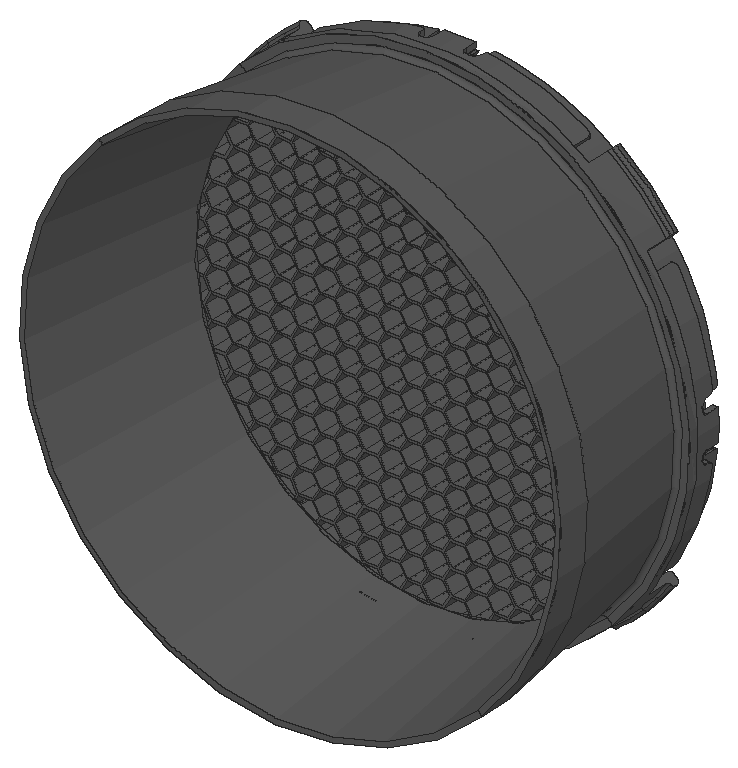
Revit family "SD1906", category Luminárias, Revit 2023
Family settings
  Cota do conector redondo = Utilizar diâmetro
  Tipo de parte = Normal
  Corte com vazios quando carregada = Não
  Fonte luminosa = Não
  Manter orientação da anotação = Não
  Compartilhado = Sim
  Ponto de cálculo do ambiente = Não
Parameters (values of type "SD1906")
  URL = "https://stella.com.br/"
  Referência = "SD1906"
  Modelo = "Kit Grade - Para Spot Flow PAR30"
  Fabricante = "Stella"
  Estrutura = Al - Preto
  Default Elevation = 0 m
  Diâmetro [instance] = 0.0985 m
  system length 1 [instance] = 0.0985 m
  Altura = 0.041 m
Reference planes (m)
  plane 1 "Centro (Frente/Trás)": y = 0
  plane 2: z = 0
  plane 3 "Esquerda": x = 0
  plane 4 "Direita": x = 0.0985
  plane 5: y = 0.0205
  plane 6: y = -0.0205
  plane 7: z = 0.04925
  plane 8: z = -0.04925
  plane 9: x = 0.04925
Forms (m)
  Revolve 1, solid, material "Al - Preto" <- "Estrutura"
    sketch origin (0.014425, 0, 0.034825) x (0.707107, 0, -0.707107) y (0, 1, 0)
      loop
        line (-0.000337, -0.014048) -> (-0.00045, -0.0205) -> (0.00055, -0.0205) -> (0.005313, 0.0125) -> (0.002432, 0.0125) -> (0.002326, 0.018596)
        arc (0.002326, 0.018596) -> (0.002159, 0.019042) -> (0.001748, 0.019284) r 0.000714
        arc (0.001748, 0.019284) -> (0.001189, 0.019323) -> (0.000641, 0.019206) r 0.002021
        arc (0.000641, 0.019206) -> (0.000181, 0.018786) -> (0.000055, 0.018175) r 0.001009
        arc (0.000055, 0.018175) -> (0.000204, 0.017792) -> (0.000523, 0.017532) r 0.000805
        arc (0.000523, 0.017532) -> (0.000868, 0.017333) -> (0.001004, 0.016958) r 0.000583
        line (0.001004, 0.016958) -> (0.000895, 0.0107) -> (0.002311, 0.0107)
        arc (0.002311, 0.0107) -> (0.002916, 0.010424) -> (0.003103, 0.009786) r 0.0008
        line (0.003103, 0.009786) -> (-0.000337, -0.014048)
      axis (0.04925, -0.0205) -> (0.04925, 0.019284)
    angle from 0 to 360
  Extrusion 2, void
    sketch origin (0.014425, 0, 0.034825) x (0.707107, 0, -0.707107) y (0.707107, 0, 0.707107)
      loop
        arc (0.041728, 0.049528) -> (0.013827, 0.035423) -> (-0.000278, 0.007522) r 0.050096
        line (-0.000278, 0.007522) -> (0.015642, 0.007522) -> (0.015642, -0.007522) -> (-0.000278, -0.007522)
        arc (-0.000278, -0.007522) -> (0.013827, -0.035423) -> (0.041728, -0.049528) r 0.050096
        line (0.041728, -0.049528) -> (0.041728, -0.033608) -> (0.056772, -0.033608) -> (0.056772, -0.049528)
        arc (0.056772, -0.049528) -> (0.084673, -0.035423) -> (0.098778, -0.007522) r 0.050096
        line (0.098778, -0.007522) -> (0.082858, -0.007522) -> (0.082858, 0.007522) -> (0.098778, 0.007522)
        arc (0.098778, 0.007522) -> (0.084673, 0.035423) -> (0.056772, 0.049528) r 0.050096
        line (0.056772, 0.049528) -> (0.056772, 0.033608) -> (0.041728, 0.033608) -> (0.041728, 0.049528)
    from -0.0205 to -0.0125
  Revolve 3, solid, material "Al - Preto" <- "Estrutura"
    sketch origin (0.014425, 0, 0.034825) x (0.707107, 0, -0.707107) y (0, 1, 0)
      loop
        line (0.002811, 0.0125) -> (0.002811, 0.0185) -> (0.001813, 0.0185) -> (0.001813, 0.0125) -> (0.002811, 0.0125)
      axis (0.04925, 0.0125) -> (0.04925, 0.0185)
    angle from 0 to 360
  Extrusion 4, void
    sketch origin (0.014425, 0, 0.034825) x (0.707107, 0, -0.707107) y (0.707107, 0, 0.707107)
      loop
        line (0.03788, 0.04869) -> (0.040737, 0.036456) -> (0.012794, 0.008513) -> (0.00056, 0.01137)
        arc (0.00056, 0.01137) -> (-0.00075, 0) -> (0.00056, -0.01137) r 0.05
        line (0.00056, -0.01137) -> (0.012794, -0.008513) -> (0.040737, -0.036456) -> (0.03788, -0.04869)
        arc (0.03788, -0.04869) -> (0.04925, -0.05) -> (0.06062, -0.04869) r 0.05
        line (0.06062, -0.04869) -> (0.057763, -0.036456) -> (0.085706, -0.008513) -> (0.09794, -0.01137)
        arc (0.09794, -0.01137) -> (0.09925, 0) -> (0.09794, 0.01137) r 0.05
        line (0.09794, 0.01137) -> (0.085706, 0.008513) -> (0.057763, 0.036456) -> (0.06062, 0.04869)
        arc (0.06062, 0.04869) -> (0.04925, 0.05) -> (0.03788, 0.04869) r 0.05
    from -0.0205 to -0.0125
  Extrusion 5, void
    sketch origin (0, 0, 0) x (1, 0, 0) y (0, 1, 0)
      loop
        arc (0.043731, 0.016914) -> (0.0438, 0.016459) -> (0.043821, 0.016) r 0.004409
        spline (0.043821, 0.016) -> (0.043863, 0.01573) -> (0.043988, 0.015478) -> (0.044187, 0.015262) -> (0.044446, 0.015096) -> (0.044747, 0.014992) -> (0.04507, 0.014957) -> (0.045394, 0.014992) -> (0.045695, 0.015096) -> (0.045954, 0.015262) -> (0.046152, 0.015478) -> (0.046277, 0.01573) -> (0.04632, 0.016)
        line (0.04632, 0.016) -> (0.04632, 0.018881) -> (0.024214, 0.018881) -> (0.024214, 0.0165)
        arc (0.024214, 0.0165) -> (0.024506, 0.017207) -> (0.025214, 0.0175) r 0.001
        line (0.025214, 0.0175) -> (0.042821, 0.0175)
        arc (0.042821, 0.0175) -> (0.043362, 0.017341) -> (0.043731, 0.016914) r 0.001
      loop
        arc (0.054769, 0.016914) -> (0.055138, 0.017341) -> (0.055679, 0.0175) r 0.001
        line (0.055679, 0.0175) -> (0.073286, 0.0175)
        arc (0.073286, 0.0175) -> (0.073994, 0.017207) -> (0.074286, 0.0165) r 0.001
        line (0.074286, 0.0165) -> (0.074286, 0.018881) -> (0.05218, 0.018881) -> (0.05218, 0.016)
        spline (0.05218, 0.016) -> (0.052223, 0.01573) -> (0.052348, 0.015478) -> (0.052546, 0.015262) -> (0.052805, 0.015096) -> (0.053106, 0.014992) -> (0.05343, 0.014957) -> (0.053753, 0.014992) -> (0.054054, 0.015096) -> (0.054313, 0.015262) -> (0.054512, 0.015478) -> (0.054637, 0.01573) -> (0.054679, 0.016)
        arc (0.054679, 0.016) -> (0.0547, 0.016459) -> (0.054769, 0.016914) r 0.004409
    from -0.04925 to 0.04925
  Extrusion 6, void
    sketch origin (0.04925, 0, -0.04925) x (0, 0, 1) y (0, 1, 0)
      loop
        arc (0.043731, 0.016914) -> (0.0438, 0.016459) -> (0.043821, 0.016) r 0.004409
        spline (0.043821, 0.016) -> (0.043863, 0.01573) -> (0.043988, 0.015478) -> (0.044187, 0.015262) -> (0.044446, 0.015096) -> (0.044747, 0.014992) -> (0.04507, 0.014957) -> (0.045394, 0.014992) -> (0.045695, 0.015096) -> (0.045954, 0.015262) -> (0.046152, 0.015478) -> (0.046277, 0.01573) -> (0.04632, 0.016)
        line (0.04632, 0.016) -> (0.04632, 0.018881) -> (0.024214, 0.018881) -> (0.024214, 0.0165)
        arc (0.024214, 0.0165) -> (0.024506, 0.017207) -> (0.025214, 0.0175) r 0.001
        line (0.025214, 0.0175) -> (0.042821, 0.0175)
        arc (0.042821, 0.0175) -> (0.043362, 0.017341) -> (0.043731, 0.016914) r 0.001
      loop
        arc (0.054769, 0.016914) -> (0.055138, 0.017341) -> (0.055679, 0.0175) r 0.001
        line (0.055679, 0.0175) -> (0.073286, 0.0175)
        arc (0.073286, 0.0175) -> (0.073994, 0.017207) -> (0.074286, 0.0165) r 0.001
        line (0.074286, 0.0165) -> (0.074286, 0.018881) -> (0.05218, 0.018881) -> (0.05218, 0.016)
        spline (0.05218, 0.016) -> (0.052223, 0.015729) -> (0.052349, 0.015477) -> (0.052548, 0.01526) -> (0.052808, 0.015095) -> (0.053111, 0.014991) -> (0.053435, 0.014957) -> (0.053759, 0.014993) -> (0.054061, 0.015099) -> (0.054319, 0.015267) -> (0.054516, 0.015485) -> (0.054639, 0.015738) -> (0.054679, 0.016009)
        arc (0.054679, 0.016009) -> (0.054701, 0.016464) -> (0.054769, 0.016914) r 0.004409
    from -0.04925 to 0.04925
  Revolve 7, solid, material "Al - Preto" <- "Estrutura"
    sketch origin (-0.089042, 0.072814, -0.138292) x (0.707107, 0, 0.707107) y (0, 1, 0)
      loop
        line (0.150025, -0.060314) -> (0.151525, -0.060314) -> (0.151525, -0.052764) -> (0.149325, -0.052764) -> (0.149325, -0.059614)
        arc (0.149325, -0.059614) -> (0.14953, -0.060109) -> (0.150025, -0.060314) r 0.0007
      axis (0.195575, -0.060314) -> (0.195575, -0.052764)
    angle from 0 to 360
  Revolve 8, void
    sketch origin (0.04925, 0.072814, -0.095575) x (0, 0, 1) y (0, 1, 0)
      loop
        line (0.051525, -0.052764) -> (0.049825, -0.052764) -> (0.049825, -0.059814) -> (0.051525, -0.059814) -> (0.051525, -0.052764)
      axis (0.095575, -0.059814) -> (0.095575, -0.052764)
    angle from 0 to 360
  Extrusion 9, void
    sketch origin (0.04925, 0.072814, -0.195575) x (0, 0, 1) y (0, 1, 0)
      loop
        arc (0.190075, -0.052764) -> (0.190477, -0.052931) -> (0.190644, -0.053334) r 0.00057
        line (0.190644, -0.053334) -> (0.190644, -0.055814) -> (0.200643, -0.055814) -> (0.200643, -0.053334)
        arc (0.200643, -0.053334) -> (0.20081, -0.052931) -> (0.201213, -0.052764) r 0.00057
        line (0.201213, -0.052764) -> (0.190075, -0.052764)
    from -0.046869 to 0.0469
  Extrusion 10, void
    sketch origin (-0.146325, 0.072814, 0) x (1, 0, 0) y (0, 1, 0)
      loop
        arc (0.190075, -0.052764) -> (0.190477, -0.052931) -> (0.190644, -0.053334) r 0.00057
        line (0.190644, -0.053334) -> (0.190644, -0.055814) -> (0.200643, -0.055814) -> (0.200643, -0.053334)
        arc (0.200643, -0.053334) -> (0.20081, -0.052931) -> (0.201213, -0.052764) r 0.00057
        line (0.201213, -0.052764) -> (0.190075, -0.052764)
    from -0.046869 to 0.0469
  Extrusion 11, void
    sketch origin (-0.088173, 0.072814, 0.139162) x (0.707107, 0, -0.707107) y (0, 1, 0)
      loop
        line (0.198575, -0.054364) -> (0.199575, -0.054364) -> (0.199575, -0.052662) -> (0.191575, -0.052662) -> (0.191575, -0.054364) -> (0.192575, -0.054364)
        arc (0.192575, -0.054364) -> (0.192839, -0.053728) -> (0.193475, -0.053464) r 0.0009
        line (0.193475, -0.053464) -> (0.197675, -0.053464)
        arc (0.197675, -0.053464) -> (0.198311, -0.053728) -> (0.198575, -0.054364) r 0.0009
    from -0.049018 to 0.047
  Extrusion 12, void
    sketch origin (0.186673, 0.072814, 0.139162) x (-0.707107, 0, -0.707107) y (0, -1, 0)
      loop
        arc (0.198575, 0.054364) -> (0.198311, 0.053728) -> (0.197675, 0.053464) r 0.0009
        line (0.197675, 0.053464) -> (0.193475, 0.053464)
        arc (0.193475, 0.053464) -> (0.192839, 0.053728) -> (0.192575, 0.054364) r 0.0009
        line (0.192575, 0.054364) -> (0.191575, 0.054364) -> (0.191575, 0.052662) -> (0.199575, 0.052662) -> (0.199575, 0.054364) -> (0.198575, 0.054364)
    from -0.049018 to 0.047
  Extrusion 13, solid, material "Al - Preto" <- "Estrutura"
    sketch origin (0, 0, 0) x (1, 0, 0) y (0, 0, 1)
      loop
        circle (0.04925, 0) r 0.0455
    from -0.01935 to -0.013
  Extrusion 14, void
    sketch origin (0, 0, 0) x (1, 0, 0) y (0, 0, 1)
      loop
        line (0.048009, 0.00215) -> (0.046767, 0) -> (0.048009, -0.00215) -> (0.050491, -0.00215) -> (0.051733, 0) -> (0.050491, 0.00215) -> (0.048009, 0.00215)
      loop
        line (0.050491, 0.00245) -> (0.051733, 0.0046) -> (0.050491, 0.00675) -> (0.048009, 0.00675) -> (0.046767, 0.0046) -> (0.048009, 0.00245) -> (0.050491, 0.00245)
      loop
        line (0.050491, 0.00705) -> (0.051733, 0.0092) -> (0.050491, 0.01135) -> (0.048009, 0.01135) -> (0.046767, 0.0092) -> (0.048009, 0.00705) -> (0.050491, 0.00705)
      loop
        line (0.050491, 0.01165) -> (0.051733, 0.0138) -> (0.050491, 0.01595) -> (0.048009, 0.01595) -> (0.046767, 0.0138) -> (0.048009, 0.01165) -> (0.050491, 0.01165)
      loop
        line (0.050491, 0.01625) -> (0.051733, 0.0184) -> (0.050491, 0.02055) -> (0.048009, 0.02055) -> (0.046767, 0.0184) -> (0.048009, 0.01625) -> (0.050491, 0.01625)
      loop
        line (0.050491, 0.02085) -> (0.051733, 0.023) -> (0.050491, 0.02515) -> (0.048009, 0.02515) -> (0.046767, 0.023) -> (0.048009, 0.02085) -> (0.050491, 0.02085)
      loop
        line (0.050491, 0.02545) -> (0.051733, 0.0276) -> (0.050491, 0.02975) -> (0.048009, 0.02975) -> (0.046767, 0.0276) -> (0.048009, 0.02545) -> (0.050491, 0.02545)
      loop
        line (0.050491, 0.03005) -> (0.051733, 0.0322) -> (0.050491, 0.03435) -> (0.048009, 0.03435) -> (0.046767, 0.0322) -> (0.048009, 0.03005) -> (0.050491, 0.03005)
      loop
        line (0.050491, 0.03465) -> (0.051733, 0.0368) -> (0.050491, 0.03895) -> (0.048009, 0.03895) -> (0.046767, 0.0368) -> (0.048009, 0.03465) -> (0.050491, 0.03465)
      loop
        line (0.050491, 0.03925) -> (0.051733, 0.0414) -> (0.050491, 0.04355) -> (0.048009, 0.04355) -> (0.046767, 0.0414) -> (0.048009, 0.03925) -> (0.050491, 0.03925)
      loop
        line (0.050491, 0.04385) -> (0.051733, 0.046) -> (0.050491, 0.04815) -> (0.048009, 0.04815) -> (0.046767, 0.046) -> (0.048009, 0.04385) -> (0.050491, 0.04385)
      loop
        line (0.048009, -0.04385) -> (0.046767, -0.046) -> (0.048009, -0.04815) -> (0.050491, -0.04815) -> (0.051733, -0.046) -> (0.050491, -0.04385) -> (0.048009, -0.04385)
      loop
        line (0.050491, -0.04355) -> (0.051733, -0.0414) -> (0.050491, -0.03925) -> (0.048009, -0.03925) -> (0.046767, -0.0414) -> (0.048009, -0.04355) -> (0.050491, -0.04355)
      loop
        line (0.050491, -0.03895) -> (0.051733, -0.0368) -> (0.050491, -0.03465) -> (0.048009, -0.03465) -> (0.046767, -0.0368) -> (0.048009, -0.03895) -> (0.050491, -0.03895)
      loop
        line (0.050491, -0.03435) -> (0.051733, -0.0322) -> (0.050491, -0.03005) -> (0.048009, -0.03005) -> (0.046767, -0.0322) -> (0.048009, -0.03435) -> (0.050491, -0.03435)
      loop
        line (0.050491, -0.02975) -> (0.051733, -0.0276) -> (0.050491, -0.02545) -> (0.048009, -0.02545) -> (0.046767, -0.0276) -> (0.048009, -0.02975) -> (0.050491, -0.02975)
      loop
        line (0.050491, -0.02515) -> (0.051733, -0.023) -> (0.050491, -0.02085) -> (0.048009, -0.02085) -> (0.046767, -0.023) -> (0.048009, -0.02515) -> (0.050491, -0.02515)
      loop
        line (0.050491, -0.02055) -> (0.051733, -0.0184) -> (0.050491, -0.01625) -> (0.048009, -0.01625) -> (0.046767, -0.0184) -> (0.048009, -0.02055) -> (0.050491, -0.02055)
      loop
        line (0.050491, -0.01595) -> (0.051733, -0.0138) -> (0.050491, -0.01165) -> (0.048009, -0.01165) -> (0.046767, -0.0138) -> (0.048009, -0.01595) -> (0.050491, -0.01595)
      loop
        line (0.050491, -0.01135) -> (0.051733, -0.0092) -> (0.050491, -0.00705) -> (0.048009, -0.00705) -> (0.046767, -0.0092) -> (0.048009, -0.01135) -> (0.050491, -0.01135)
      loop
        line (0.050491, -0.00675) -> (0.051733, -0.0046) -> (0.050491, -0.00245) -> (0.048009, -0.00245) -> (0.046767, -0.0046) -> (0.048009, -0.00675) -> (0.050491, -0.00675)
      loop
        line (0.044019, -0.00016) -> (0.042789, -0.00229) -> (0.044037, -0.00445) -> (0.046484, -0.00445) -> (0.047732, -0.00229) -> (0.046502, -0.00016) -> (0.044019, -0.00016)
      loop
        line (0.044019, 0.00016) -> (0.046502, 0.00016) -> (0.047732, 0.00229) -> (0.046484, 0.00445) -> (0.044037, 0.00445) -> (0.042789, 0.00229) -> (0.044019, 0.00016)
      loop
        line (0.044019, -0.00477) -> (0.042789, -0.0069) -> (0.044037, -0.00906) -> (0.046484, -0.00906) -> (0.047732, -0.0069) -> (0.046502, -0.00477) -> (0.044019, -0.00477)
      loop
        line (0.044019, -0.00938) -> (0.042789, -0.01151) -> (0.044037, -0.01367) -> (0.046484, -0.01367) -> (0.047732, -0.01151) -> (0.046502, -0.00938) -> (0.044019, -0.00938)
      loop
        line (0.044019, -0.01399) -> (0.042789, -0.01612) -> (0.044037, -0.01828) -> (0.046484, -0.01828) -> (0.047732, -0.01612) -> (0.046502, -0.01399) -> (0.044019, -0.01399)
      loop
        line (0.044019, -0.0186) -> (0.042789, -0.02073) -> (0.044037, -0.02289) -> (0.046484, -0.02289) -> (0.047732, -0.02073) -> (0.046502, -0.0186) -> (0.044019, -0.0186)
      loop
        line (0.044019, -0.02321) -> (0.042789, -0.02534) -> (0.044037, -0.0275) -> (0.046484, -0.0275) -> (0.047732, -0.02534) -> (0.046502, -0.02321) -> (0.044019, -0.02321)
      loop
        line (0.044019, -0.02782) -> (0.042789, -0.02995) -> (0.044037, -0.03211) -> (0.046484, -0.03211) -> (0.047732, -0.02995) -> (0.046502, -0.02782) -> (0.044019, -0.02782)
      loop
        line (0.044019, -0.03243) -> (0.042789, -0.03456) -> (0.044037, -0.03672) -> (0.046484, -0.03672) -> (0.047732, -0.03456) -> (0.046502, -0.03243) -> (0.044019, -0.03243)
      loop
        line (0.044019, -0.03704) -> (0.042789, -0.03917) -> (0.044037, -0.04133) -> (0.046484, -0.04133) -> (0.047732, -0.03917) -> (0.046502, -0.03704) -> (0.044019, -0.03704)
      loop
        line (0.044019, 0.03672) -> (0.042789, 0.03459) -> (0.044037, 0.03243) -> (0.046484, 0.03243) -> (0.047732, 0.03459) -> (0.046502, 0.03672) -> (0.044019, 0.03672)
      loop
        line (0.044019, 0.03704) -> (0.046502, 0.03704) -> (0.047732, 0.03917) -> (0.046484, 0.04133) -> (0.044037, 0.04133) -> (0.042789, 0.03917) -> (0.044019, 0.03704)
      loop
        line (0.044019, 0.03211) -> (0.042789, 0.02998) -> (0.044037, 0.02782) -> (0.046484, 0.02782) -> (0.047732, 0.02998) -> (0.046502, 0.03211) -> (0.044019, 0.03211)
      loop
        line (0.044019, 0.0275) -> (0.042789, 0.02537) -> (0.044037, 0.02321) -> (0.046484, 0.02321) -> (0.047732, 0.02537) -> (0.046502, 0.0275) -> (0.044019, 0.0275)
      loop
        line (0.044019, 0.02289) -> (0.042789, 0.02076) -> (0.044037, 0.0186) -> (0.046484, 0.0186) -> (0.047732, 0.02076) -> (0.046502, 0.02289) -> (0.044019, 0.02289)
      loop
        line (0.044019, 0.01828) -> (0.042789, 0.01615) -> (0.044037, 0.01399) -> (0.046484, 0.01399) -> (0.047732, 0.01615) -> (0.046502, 0.01828) -> (0.044019, 0.01828)
      loop
        line (0.044019, 0.01367) -> (0.042789, 0.01154) -> (0.044037, 0.00938) -> (0.046484, 0.00938) -> (0.047732, 0.01154) -> (0.046502, 0.01367) -> (0.044019, 0.01367)
      loop
        line (0.044019, 0.00906) -> (0.042789, 0.00693) -> (0.044037, 0.00477) -> (0.046484, 0.00477) -> (0.047732, 0.00693) -> (0.046502, 0.00906) -> (0.044019, 0.00906)
      loop
        line (0.054481, -0.00016) -> (0.051998, -0.00016) -> (0.050768, -0.00229) -> (0.052016, -0.00445) -> (0.054463, -0.00445) -> (0.055711, -0.00229) -> (0.054481, -0.00016)
      loop
        line (0.054481, 0.00016) -> (0.055711, 0.00229) -> (0.054463, 0.00445) -> (0.052016, 0.00445) -> (0.050768, 0.00229) -> (0.051998, 0.00016) -> (0.054481, 0.00016)
      loop
        line (0.054481, -0.00477) -> (0.051998, -0.00477) -> (0.050768, -0.0069) -> (0.052016, -0.00906) -> (0.054463, -0.00906) -> (0.055711, -0.0069) -> (0.054481, -0.00477)
      loop
        line (0.054481, -0.00938) -> (0.051998, -0.00938) -> (0.050768, -0.01151) -> (0.052016, -0.01367) -> (0.054463, -0.01367) -> (0.055711, -0.01151) -> (0.054481, -0.00938)
      loop
        line (0.054481, -0.01399) -> (0.051998, -0.01399) -> (0.050768, -0.01612) -> (0.052016, -0.01828) -> (0.054463, -0.01828) -> (0.055711, -0.01612) -> (0.054481, -0.01399)
      loop
        line (0.054481, -0.0186) -> (0.051998, -0.0186) -> (0.050768, -0.02073) -> (0.052016, -0.02289) -> (0.054463, -0.02289) -> (0.055711, -0.02073) -> (0.054481, -0.0186)
      loop
        line (0.054481, -0.02321) -> (0.051998, -0.02321) -> (0.050768, -0.02534) -> (0.052016, -0.0275) -> (0.054463, -0.0275) -> (0.055711, -0.02534) -> (0.054481, -0.02321)
      loop
        line (0.054481, -0.02782) -> (0.051998, -0.02782) -> (0.050768, -0.02995) -> (0.052016, -0.03211) -> (0.054463, -0.03211) -> (0.055711, -0.02995) -> (0.054481, -0.02782)
      loop
        line (0.054481, -0.03243) -> (0.051998, -0.03243) -> (0.050768, -0.03456) -> (0.052016, -0.03672) -> (0.054463, -0.03672) -> (0.055711, -0.03456) -> (0.054481, -0.03243)
      loop
        line (0.054481, -0.03704) -> (0.051998, -0.03704) -> (0.050768, -0.03917) -> (0.052016, -0.04133) -> (0.054463, -0.04133) -> (0.055711, -0.03917) -> (0.054481, -0.03704)
      loop
        line (0.054481, 0.03672) -> (0.051998, 0.03672) -> (0.050768, 0.03459) -> (0.052016, 0.03243) -> (0.054463, 0.03243) -> (0.055711, 0.03459) -> (0.054481, 0.03672)
      loop
        line (0.054481, 0.03704) -> (0.055711, 0.03917) -> (0.054463, 0.04133) -> (0.052016, 0.04133) -> (0.050768, 0.03917) -> (0.051998, 0.03704) -> (0.054481, 0.03704)
      loop
        line (0.054481, 0.03211) -> (0.051998, 0.03211) -> (0.050768, 0.02998) -> (0.052016, 0.02782) -> (0.054463, 0.02782) -> (0.055711, 0.02998) -> (0.054481, 0.03211)
      loop
        line (0.054481, 0.0275) -> (0.051998, 0.0275) -> (0.050768, 0.02537) -> (0.052016, 0.02321) -> (0.054463, 0.02321) -> (0.055711, 0.02537) -> (0.054481, 0.0275)
      loop
        line (0.054481, 0.02289) -> (0.051998, 0.02289) -> (0.050768, 0.02076) -> (0.052016, 0.0186) -> (0.054463, 0.0186) -> (0.055711, 0.02076) -> (0.054481, 0.02289)
      loop
        line (0.054481, 0.01828) -> (0.051998, 0.01828) -> (0.050768, 0.01615) -> (0.052016, 0.01399) -> (0.054463, 0.01399) -> (0.055711, 0.01615) -> (0.054481, 0.01828)
      loop
        line (0.054481, 0.01367) -> (0.051998, 0.01367) -> (0.050768, 0.01154) -> (0.052016, 0.00938) -> (0.054463, 0.00938) -> (0.055711, 0.01154) -> (0.054481, 0.01367)
      loop
        line (0.054481, 0.00906) -> (0.051998, 0.00906) -> (0.050768, 0.00693) -> (0.052016, 0.00477) -> (0.054463, 0.00477) -> (0.055711, 0.00693) -> (0.054481, 0.00906)
      loop
        line (0.042512, 0.00215) -> (0.04003, 0.00215) -> (0.038788, 0) -> (0.04003, -0.00215) -> (0.042512, -0.00215) -> (0.043754, 0) -> (0.042512, 0.00215)
      loop
        line (0.04003, 0.00245) -> (0.042512, 0.00245) -> (0.043754, 0.0046) -> (0.042512, 0.00675) -> (0.04003, 0.00675) -> (0.038788, 0.0046) -> (0.04003, 0.00245)
      loop
        line (0.04003, 0.00705) -> (0.042512, 0.00705) -> (0.043754, 0.0092) -> (0.042512, 0.01135) -> (0.04003, 0.01135) -> (0.038788, 0.0092) -> (0.04003, 0.00705)
      loop
        line (0.04003, 0.01165) -> (0.042512, 0.01165) -> (0.043754, 0.0138) -> (0.042512, 0.01595) -> (0.04003, 0.01595) -> (0.038788, 0.0138) -> (0.04003, 0.01165)
      loop
        line (0.04003, 0.01625) -> (0.042512, 0.01625) -> (0.043754, 0.0184) -> (0.042512, 0.02055) -> (0.04003, 0.02055) -> (0.038788, 0.0184) -> (0.04003, 0.01625)
      loop
        line (0.04003, 0.02085) -> (0.042512, 0.02085) -> (0.043754, 0.023) -> (0.042512, 0.02515) -> (0.04003, 0.02515) -> (0.038788, 0.023) -> (0.04003, 0.02085)
      loop
        line (0.04003, 0.02545) -> (0.042512, 0.02545) -> (0.043754, 0.0276) -> (0.042512, 0.02975) -> (0.04003, 0.02975) -> (0.038788, 0.0276) -> (0.04003, 0.02545)
      loop
        line (0.04003, 0.03005) -> (0.042512, 0.03005) -> (0.043754, 0.0322) -> (0.042512, 0.03435) -> (0.04003, 0.03435) -> (0.038788, 0.0322) -> (0.04003, 0.03005)
      loop
        line (0.04003, 0.03465) -> (0.042512, 0.03465) -> (0.043754, 0.0368) -> (0.042512, 0.03895) -> (0.04003, 0.03895) -> (0.038788, 0.0368) -> (0.04003, 0.03465)
      loop
        line (0.04003, 0.03925) -> (0.042512, 0.03925) -> (0.043754, 0.0414) -> (0.042512, 0.04355) -> (0.04003, 0.04355) -> (0.038788, 0.0414) -> (0.04003, 0.03925)
      loop
        line (0.04003, -0.04355) -> (0.042512, -0.04355) -> (0.043754, -0.0414) -> (0.042512, -0.03925) -> (0.04003, -0.03925) -> (0.038788, -0.0414) -> (0.04003, -0.04355)
      loop
        line (0.04003, -0.03895) -> (0.042512, -0.03895) -> (0.043754, -0.0368) -> (0.042512, -0.03465) -> (0.04003, -0.03465) -> (0.038788, -0.0368) -> (0.04003, -0.03895)
      loop
        line (0.04003, -0.03435) -> (0.042512, -0.03435) -> (0.043754, -0.0322) -> (0.042512, -0.03005) -> (0.04003, -0.03005) -> (0.038788, -0.0322) -> (0.04003, -0.03435)
      loop
        line (0.04003, -0.02975) -> (0.042512, -0.02975) -> (0.043754, -0.0276) -> (0.042512, -0.02545) -> (0.04003, -0.02545) -> (0.038788, -0.0276) -> (0.04003, -0.02975)
      loop
        line (0.04003, -0.02515) -> (0.042512, -0.02515) -> (0.043754, -0.023) -> (0.042512, -0.02085) -> (0.04003, -0.02085) -> (0.038788, -0.023) -> (0.04003, -0.02515)
      loop
        line (0.04003, -0.02055) -> (0.042512, -0.02055) -> (0.043754, -0.0184) -> (0.042512, -0.01625) -> (0.04003, -0.01625) -> (0.038788, -0.0184) -> (0.04003, -0.02055)
      loop
        line (0.04003, -0.01595) -> (0.042512, -0.01595) -> (0.043754, -0.0138) -> (0.042512, -0.01165) -> (0.04003, -0.01165) -> (0.038788, -0.0138) -> (0.04003, -0.01595)
      loop
        line (0.04003, -0.01135) -> (0.042512, -0.01135) -> (0.043754, -0.0092) -> (0.042512, -0.00705) -> (0.04003, -0.00705) -> (0.038788, -0.0092) -> (0.04003, -0.01135)
      loop
        line (0.04003, -0.00675) -> (0.042512, -0.00675) -> (0.043754, -0.0046) -> (0.042512, -0.00245) -> (0.04003, -0.00245) -> (0.038788, -0.0046) -> (0.04003, -0.00675)
      loop
        line (0.055988, 0.00215) -> (0.054746, 0) -> (0.055988, -0.00215) -> (0.05847, -0.00215) -> (0.059712, 0) -> (0.05847, 0.00215) -> (0.055988, 0.00215)
      loop
        line (0.05847, 0.00245) -> (0.059712, 0.0046) -> (0.05847, 0.00675) -> (0.055988, 0.00675) -> (0.054746, 0.0046) -> (0.055988, 0.00245) -> (0.05847, 0.00245)
      loop
        line (0.05847, 0.00705) -> (0.059712, 0.0092) -> (0.05847, 0.01135) -> (0.055988, 0.01135) -> (0.054746, 0.0092) -> (0.055988, 0.00705) -> (0.05847, 0.00705)
      loop
        line (0.05847, 0.01165) -> (0.059712, 0.0138) -> (0.05847, 0.01595) -> (0.055988, 0.01595) -> (0.054746, 0.0138) -> (0.055988, 0.01165) -> (0.05847, 0.01165)
      loop
        line (0.05847, 0.01625) -> (0.059712, 0.0184) -> (0.05847, 0.02055) -> (0.055988, 0.02055) -> (0.054746, 0.0184) -> (0.055988, 0.01625) -> (0.05847, 0.01625)
      loop
        line (0.05847, 0.02085) -> (0.059712, 0.023) -> (0.05847, 0.02515) -> (0.055988, 0.02515) -> (0.054746, 0.023) -> (0.055988, 0.02085) -> (0.05847, 0.02085)
      loop
        line (0.05847, 0.02545) -> (0.059712, 0.0276) -> (0.05847, 0.02975) -> (0.055988, 0.02975) -> (0.054746, 0.0276) -> (0.055988, 0.02545) -> (0.05847, 0.02545)
      loop
        line (0.05847, 0.03005) -> (0.059712, 0.0322) -> (0.05847, 0.03435) -> (0.055988, 0.03435) -> (0.054746, 0.0322) -> (0.055988, 0.03005) -> (0.05847, 0.03005)
      loop
        line (0.05847, 0.03465) -> (0.059712, 0.0368) -> (0.05847, 0.03895) -> (0.055988, 0.03895) -> (0.054746, 0.0368) -> (0.055988, 0.03465) -> (0.05847, 0.03465)
      loop
        line (0.05847, 0.03925) -> (0.059712, 0.0414) -> (0.05847, 0.04355) -> (0.055988, 0.04355) -> (0.054746, 0.0414) -> (0.055988, 0.03925) -> (0.05847, 0.03925)
      loop
        line (0.05847, -0.04355) -> (0.059712, -0.0414) -> (0.05847, -0.03925) -> (0.055988, -0.03925) -> (0.054746, -0.0414) -> (0.055988, -0.04355) -> (0.05847, -0.04355)
      loop
        line (0.05847, -0.03895) -> (0.059712, -0.0368) -> (0.05847, -0.03465) -> (0.055988, -0.03465) -> (0.054746, -0.0368) -> (0.055988, -0.03895) -> (0.05847, -0.03895)
      loop
        line (0.05847, -0.03435) -> (0.059712, -0.0322) -> (0.05847, -0.03005) -> (0.055988, -0.03005) -> (0.054746, -0.0322) -> (0.055988, -0.03435) -> (0.05847, -0.03435)
      loop
        line (0.05847, -0.02975) -> (0.059712, -0.0276) -> (0.05847, -0.02545) -> (0.055988, -0.02545) -> (0.054746, -0.0276) -> (0.055988, -0.02975) -> (0.05847, -0.02975)
      loop
        line (0.05847, -0.02515) -> (0.059712, -0.023) -> (0.05847, -0.02085) -> (0.055988, -0.02085) -> (0.054746, -0.023) -> (0.055988, -0.02515) -> (0.05847, -0.02515)
      loop
        line (0.05847, -0.02055) -> (0.059712, -0.0184) -> (0.05847, -0.01625) -> (0.055988, -0.01625) -> (0.054746, -0.0184) -> (0.055988, -0.02055) -> (0.05847, -0.02055)
      loop
        line (0.05847, -0.01595) -> (0.059712, -0.0138) -> (0.05847, -0.01165) -> (0.055988, -0.01165) -> (0.054746, -0.0138) -> (0.055988, -0.01595) -> (0.05847, -0.01595)
      loop
        line (0.05847, -0.01135) -> (0.059712, -0.0092) -> (0.05847, -0.00705) -> (0.055988, -0.00705) -> (0.054746, -0.0092) -> (0.055988, -0.01135) -> (0.05847, -0.01135)
      loop
        line (0.05847, -0.00675) -> (0.059712, -0.0046) -> (0.05847, -0.00245) -> (0.055988, -0.00245) -> (0.054746, -0.0046) -> (0.055988, -0.00675) -> (0.05847, -0.00675)
      loop
        line (0.03604, -0.00016) -> (0.03481, -0.00229) -> (0.036058, -0.00445) -> (0.038506, -0.00445) -> (0.039753, -0.00229) -> (0.038523, -0.00016) -> (0.03604, -0.00016)
      loop
        line (0.03604, 0.00016) -> (0.038523, 0.00016) -> (0.039753, 0.00229) -> (0.038506, 0.00445) -> (0.036058, 0.00445) -> (0.03481, 0.00229) -> (0.03604, 0.00016)
      loop
        line (0.03604, -0.00477) -> (0.03481, -0.0069) -> (0.036058, -0.00906) -> (0.038506, -0.00906) -> (0.039753, -0.0069) -> (0.038523, -0.00477) -> (0.03604, -0.00477)
      loop
        line (0.03604, -0.00938) -> (0.03481, -0.01151) -> (0.036058, -0.01367) -> (0.038506, -0.01367) -> (0.039753, -0.01151) -> (0.038523, -0.00938) -> (0.03604, -0.00938)
      loop
        line (0.03604, -0.01399) -> (0.03481, -0.01612) -> (0.036058, -0.01828) -> (0.038506, -0.01828) -> (0.039753, -0.01612) -> (0.038523, -0.01399) -> (0.03604, -0.01399)
      loop
        line (0.03604, -0.0186) -> (0.03481, -0.02073) -> (0.036058, -0.02289) -> (0.038506, -0.02289) -> (0.039753, -0.02073) -> (0.038523, -0.0186) -> (0.03604, -0.0186)
      loop
        line (0.03604, -0.02321) -> (0.03481, -0.02534) -> (0.036058, -0.0275) -> (0.038506, -0.0275) -> (0.039753, -0.02534) -> (0.038523, -0.02321) -> (0.03604, -0.02321)
      loop
        line (0.03604, -0.02782) -> (0.03481, -0.02995) -> (0.036058, -0.03211) -> (0.038506, -0.03211) -> (0.039753, -0.02995) -> (0.038523, -0.02782) -> (0.03604, -0.02782)
      loop
        line (0.03604, -0.03243) -> (0.03481, -0.03456) -> (0.036058, -0.03672) -> (0.038506, -0.03672) -> (0.039753, -0.03456) -> (0.038523, -0.03243) -> (0.03604, -0.03243)
      loop
        line (0.03604, -0.03704) -> (0.03481, -0.03917) -> (0.036058, -0.04133) -> (0.038506, -0.04133) -> (0.039753, -0.03917) -> (0.038523, -0.03704) -> (0.03604, -0.03704)
      loop
        line (0.03604, 0.03672) -> (0.03481, 0.03459) -> (0.036058, 0.03243) -> (0.038506, 0.03243) -> (0.039753, 0.03459) -> (0.038523, 0.03672) -> (0.03604, 0.03672)
      loop
        line (0.03604, 0.03704) -> (0.038523, 0.03704) -> (0.039753, 0.03917) -> (0.038506, 0.04133) -> (0.036058, 0.04133) -> (0.03481, 0.03917) -> (0.03604, 0.03704)
      loop
        line (0.03604, 0.03211) -> (0.03481, 0.02998) -> (0.036058, 0.02782) -> (0.038506, 0.02782) -> (0.039753, 0.02998) -> (0.038523, 0.03211) -> (0.03604, 0.03211)
      loop
        line (0.03604, 0.0275) -> (0.03481, 0.02537) -> (0.036058, 0.02321) -> (0.038506, 0.02321) -> (0.039753, 0.02537) -> (0.038523, 0.0275) -> (0.03604, 0.0275)
      loop
        line (0.03604, 0.02289) -> (0.03481, 0.02076) -> (0.036058, 0.0186) -> (0.038506, 0.0186) -> (0.039753, 0.02076) -> (0.038523, 0.02289) -> (0.03604, 0.02289)
      loop
        line (0.03604, 0.01828) -> (0.03481, 0.01615) -> (0.036058, 0.01399) -> (0.038506, 0.01399) -> (0.039753, 0.01615) -> (0.038523, 0.01828) -> (0.03604, 0.01828)
      loop
        line (0.03604, 0.01367) -> (0.03481, 0.01154) -> (0.036058, 0.00938) -> (0.038506, 0.00938) -> (0.039753, 0.01154) -> (0.038523, 0.01367) -> (0.03604, 0.01367)
      loop
        line (0.03604, 0.00906) -> (0.03481, 0.00693) -> (0.036058, 0.00477) -> (0.038506, 0.00477) -> (0.039753, 0.00693) -> (0.038523, 0.00906) -> (0.03604, 0.00906)
      loop
        line (0.034533, 0.00215) -> (0.032051, 0.00215) -> (0.030809, 0) -> (0.032051, -0.00215) -> (0.034533, -0.00215) -> (0.035775, 0) -> (0.034533, 0.00215)
      loop
        line (0.032051, 0.00245) -> (0.034533, 0.00245) -> (0.035775, 0.0046) -> (0.034533, 0.00675) -> (0.032051, 0.00675) -> (0.030809, 0.0046) -> (0.032051, 0.00245)
      loop
        line (0.032051, 0.00705) -> (0.034533, 0.00705) -> (0.035775, 0.0092) -> (0.034533, 0.01135) -> (0.032051, 0.01135) -> (0.030809, 0.0092) -> (0.032051, 0.00705)
      loop
        line (0.032051, 0.01165) -> (0.034533, 0.01165) -> (0.035775, 0.0138) -> (0.034533, 0.01595) -> (0.032051, 0.01595) -> (0.030809, 0.0138) -> (0.032051, 0.01165)
      loop
        line (0.032051, 0.01625) -> (0.034533, 0.01625) -> (0.035775, 0.0184) -> (0.034533, 0.02055) -> (0.032051, 0.02055) -> (0.030809, 0.0184) -> (0.032051, 0.01625)
      loop
        line (0.032051, 0.02085) -> (0.034533, 0.02085) -> (0.035775, 0.023) -> (0.034533, 0.02515) -> (0.032051, 0.02515) -> (0.030809, 0.023) -> (0.032051, 0.02085)
      loop
        line (0.032051, 0.02545) -> (0.034533, 0.02545) -> (0.035775, 0.0276) -> (0.034533, 0.02975) -> (0.032051, 0.02975) -> (0.030809, 0.0276) -> (0.032051, 0.02545)
      loop
        line (0.032051, 0.03005) -> (0.034533, 0.03005) -> (0.035775, 0.0322) -> (0.034533, 0.03435) -> (0.032051, 0.03435) -> (0.030809, 0.0322) -> (0.032051, 0.03005)
      loop
        line (0.032051, 0.03465) -> (0.034533, 0.03465) -> (0.035775, 0.0368) -> (0.034533, 0.03895) -> (0.032051, 0.03895) -> (0.030809, 0.0368) -> (0.032051, 0.03465)
      loop
        line (0.032051, -0.03895) -> (0.034533, -0.03895) -> (0.035775, -0.0368) -> (0.034533, -0.03465) -> (0.032051, -0.03465) -> (0.030809, -0.0368) -> (0.032051, -0.03895)
      loop
        line (0.032051, -0.03435) -> (0.034533, -0.03435) -> (0.035775, -0.0322) -> (0.034533, -0.03005) -> (0.032051, -0.03005) -> (0.030809, -0.0322) -> (0.032051, -0.03435)
      loop
        line (0.032051, -0.02975) -> (0.034533, -0.02975) -> (0.035775, -0.0276) -> (0.034533, -0.02545) -> (0.032051, -0.02545) -> (0.030809, -0.0276) -> (0.032051, -0.02975)
      loop
        line (0.032051, -0.02515) -> (0.034533, -0.02515) -> (0.035775, -0.023) -> (0.034533, -0.02085) -> (0.032051, -0.02085) -> (0.030809, -0.023) -> (0.032051, -0.02515)
      loop
        line (0.032051, -0.02055) -> (0.034533, -0.02055) -> (0.035775, -0.0184) -> (0.034533, -0.01625) -> (0.032051, -0.01625) -> (0.030809, -0.0184) -> (0.032051, -0.02055)
      loop
        line (0.032051, -0.01595) -> (0.034533, -0.01595) -> (0.035775, -0.0138) -> (0.034533, -0.01165) -> (0.032051, -0.01165) -> (0.030809, -0.0138) -> (0.032051, -0.01595)
      loop
        line (0.032051, -0.01135) -> (0.034533, -0.01135) -> (0.035775, -0.0092) -> (0.034533, -0.00705) -> (0.032051, -0.00705) -> (0.030809, -0.0092) -> (0.032051, -0.01135)
      loop
        line (0.032051, -0.00675) -> (0.034533, -0.00675) -> (0.035775, -0.0046) -> (0.034533, -0.00245) -> (0.032051, -0.00245) -> (0.030809, -0.0046) -> (0.032051, -0.00675)
      loop
        line (0.028061, -0.00016) -> (0.026831, -0.00229) -> (0.028079, -0.00445) -> (0.030527, -0.00445) -> (0.031774, -0.00229) -> (0.030544, -0.00016) -> (0.028061, -0.00016)
      loop
        line (0.028061, 0.00016) -> (0.030544, 0.00016) -> (0.031774, 0.00229) -> (0.030527, 0.00445) -> (0.028079, 0.00445) -> (0.026831, 0.00229) -> (0.028061, 0.00016)
      loop
        line (0.028061, -0.00477) -> (0.026831, -0.0069) -> (0.028079, -0.00906) -> (0.030527, -0.00906) -> (0.031774, -0.0069) -> (0.030544, -0.00477) -> (0.028061, -0.00477)
      loop
        line (0.028061, -0.00938) -> (0.026831, -0.01151) -> (0.028079, -0.01367) -> (0.030527, -0.01367) -> (0.031774, -0.01151) -> (0.030544, -0.00938) -> (0.028061, -0.00938)
      loop
        line (0.028061, -0.01399) -> (0.026831, -0.01612) -> (0.028079, -0.01828) -> (0.030527, -0.01828) -> (0.031774, -0.01612) -> (0.030544, -0.01399) -> (0.028061, -0.01399)
      loop
        line (0.028061, -0.0186) -> (0.026831, -0.02073) -> (0.028079, -0.02289) -> (0.030527, -0.02289) -> (0.031774, -0.02073) -> (0.030544, -0.0186) -> (0.028061, -0.0186)
      loop
        line (0.028061, -0.02321) -> (0.026831, -0.02534) -> (0.028079, -0.0275) -> (0.030527, -0.0275) -> (0.031774, -0.02534) -> (0.030544, -0.02321) -> (0.028061, -0.02321)
      loop
        line (0.028061, -0.02782) -> (0.026831, -0.02995) -> (0.028079, -0.03211) -> (0.030527, -0.03211) -> (0.031774, -0.02995) -> (0.030544, -0.02782) -> (0.028061, -0.02782)
      loop
        line (0.028061, -0.03243) -> (0.026831, -0.03456) -> (0.028079, -0.03672) -> (0.030527, -0.03672) -> (0.031774, -0.03456) -> (0.030544, -0.03243) -> (0.028061, -0.03243)
      loop
        line (0.028061, 0.03672) -> (0.026831, 0.03459) -> (0.028079, 0.03243) -> (0.030527, 0.03243) -> (0.031774, 0.03459) -> (0.030544, 0.03672) -> (0.028061, 0.03672)
      loop
        line (0.028061, 0.03211) -> (0.026831, 0.02998) -> (0.028079, 0.02782) -> (0.030527, 0.02782) -> (0.031774, 0.02998) -> (0.030544, 0.03211) -> (0.028061, 0.03211)
      loop
        line (0.028061, 0.0275) -> (0.026831, 0.02537) -> (0.028079, 0.02321) -> (0.030527, 0.02321) -> (0.031774, 0.02537) -> (0.030544, 0.0275) -> (0.028061, 0.0275)
      loop
        line (0.028061, 0.02289) -> (0.026831, 0.02076) -> (0.028079, 0.0186) -> (0.030527, 0.0186) -> (0.031774, 0.02076) -> (0.030544, 0.02289) -> (0.028061, 0.02289)
      loop
        line (0.028061, 0.01828) -> (0.026831, 0.01615) -> (0.028079, 0.01399) -> (0.030527, 0.01399) -> (0.031774, 0.01615) -> (0.030544, 0.01828) -> (0.028061, 0.01828)
      loop
        line (0.028061, 0.01367) -> (0.026831, 0.01154) -> (0.028079, 0.00938) -> (0.030527, 0.00938) -> (0.031774, 0.01154) -> (0.030544, 0.01367) -> (0.028061, 0.01367)
      loop
        line (0.028061, 0.00906) -> (0.026831, 0.00693) -> (0.028079, 0.00477) -> (0.030527, 0.00477) -> (0.031774, 0.00693) -> (0.030544, 0.00906) -> (0.028061, 0.00906)
      loop
        line (0.026554, 0.00215) -> (0.024072, 0.00215) -> (0.02283, 0) -> (0.024072, -0.00215) -> (0.026554, -0.00215) -> (0.027796, 0) -> (0.026554, 0.00215)
      loop
        line (0.024072, 0.00245) -> (0.026554, 0.00245) -> (0.027796, 0.0046) -> (0.026554, 0.00675) -> (0.024072, 0.00675) -> (0.02283, 0.0046) -> (0.024072, 0.00245)
      loop
        line (0.024072, 0.00705) -> (0.026554, 0.00705) -> (0.027796, 0.0092) -> (0.026554, 0.01135) -> (0.024072, 0.01135) -> (0.02283, 0.0092) -> (0.024072, 0.00705)
      loop
        line (0.024072, 0.01165) -> (0.026554, 0.01165) -> (0.027796, 0.0138) -> (0.026554, 0.01595) -> (0.024072, 0.01595) -> (0.02283, 0.0138) -> (0.024072, 0.01165)
      loop
        line (0.024072, 0.01625) -> (0.026554, 0.01625) -> (0.027796, 0.0184) -> (0.026554, 0.02055) -> (0.024072, 0.02055) -> (0.02283, 0.0184) -> (0.024072, 0.01625)
      loop
        line (0.024072, 0.02085) -> (0.026554, 0.02085) -> (0.027796, 0.023) -> (0.026554, 0.02515) -> (0.024072, 0.02515) -> (0.02283, 0.023) -> (0.024072, 0.02085)
      loop
        line (0.024072, 0.02545) -> (0.026554, 0.02545) -> (0.027796, 0.0276) -> (0.026554, 0.02975) -> (0.024072, 0.02975) -> (0.02283, 0.0276) -> (0.024072, 0.02545)
      loop
        line (0.024072, 0.03005) -> (0.026554, 0.03005) -> (0.027796, 0.0322) -> (0.026554, 0.03435) -> (0.024072, 0.03435) -> (0.02283, 0.0322) -> (0.024072, 0.03005)
      loop
        line (0.024072, -0.03435) -> (0.026554, -0.03435) -> (0.027796, -0.0322) -> (0.026554, -0.03005) -> (0.024072, -0.03005) -> (0.02283, -0.0322) -> (0.024072, -0.03435)
      loop
        line (0.024072, -0.02975) -> (0.026554, -0.02975) -> (0.027796, -0.0276) -> (0.026554, -0.02545) -> (0.024072, -0.02545) -> (0.02283, -0.0276) -> (0.024072, -0.02975)
      loop
        line (0.024072, -0.02515) -> (0.026554, -0.02515) -> (0.027796, -0.023) -> (0.026554, -0.02085) -> (0.024072, -0.02085) -> (0.02283, -0.023) -> (0.024072, -0.02515)
      loop
        line (0.024072, -0.02055) -> (0.026554, -0.02055) -> (0.027796, -0.0184) -> (0.026554, -0.01625) -> (0.024072, -0.01625) -> (0.02283, -0.0184) -> (0.024072, -0.02055)
      loop
        line (0.024072, -0.01595) -> (0.026554, -0.01595) -> (0.027796, -0.0138) -> (0.026554, -0.01165) -> (0.024072, -0.01165) -> (0.02283, -0.0138) -> (0.024072, -0.01595)
      loop
        line (0.024072, -0.01135) -> (0.026554, -0.01135) -> (0.027796, -0.0092) -> (0.026554, -0.00705) -> (0.024072, -0.00705) -> (0.02283, -0.0092) -> (0.024072, -0.01135)
      loop
        line (0.024072, -0.00675) -> (0.026554, -0.00675) -> (0.027796, -0.0046) -> (0.026554, -0.00245) -> (0.024072, -0.00245) -> (0.02283, -0.0046) -> (0.024072, -0.00675)
      loop
        line (0.020082, -0.00016) -> (0.018853, -0.00229) -> (0.0201, -0.00445) -> (0.022548, -0.00445) -> (0.023795, -0.00229) -> (0.022565, -0.00016) -> (0.020082, -0.00016)
      loop
        line (0.020082, 0.00016) -> (0.022565, 0.00016) -> (0.023795, 0.00229) -> (0.022548, 0.00445) -> (0.0201, 0.00445) -> (0.018853, 0.00229) -> (0.020082, 0.00016)
      loop
        line (0.020082, -0.00477) -> (0.018853, -0.0069) -> (0.0201, -0.00906) -> (0.022548, -0.00906) -> (0.023795, -0.0069) -> (0.022565, -0.00477) -> (0.020082, -0.00477)
      loop
        line (0.020082, -0.00938) -> (0.018853, -0.01151) -> (0.0201, -0.01367) -> (0.022548, -0.01367) -> (0.023795, -0.01151) -> (0.022565, -0.00938) -> (0.020082, -0.00938)
      loop
        line (0.020082, -0.01399) -> (0.018853, -0.01612) -> (0.0201, -0.01828) -> (0.022548, -0.01828) -> (0.023795, -0.01612) -> (0.022565, -0.01399) -> (0.020082, -0.01399)
      loop
        line (0.020082, -0.0186) -> (0.018853, -0.02073) -> (0.0201, -0.02289) -> (0.022548, -0.02289) -> (0.023795, -0.02073) -> (0.022565, -0.0186) -> (0.020082, -0.0186)
      loop
        line (0.020082, -0.02321) -> (0.018853, -0.02534) -> (0.0201, -0.0275) -> (0.022548, -0.0275) -> (0.023795, -0.02534) -> (0.022565, -0.02321) -> (0.020082, -0.02321)
      loop
        line (0.020082, -0.02782) -> (0.018853, -0.02995) -> (0.0201, -0.03211) -> (0.022548, -0.03211) -> (0.023795, -0.02995) -> (0.022565, -0.02782) -> (0.020082, -0.02782)
      loop
        line (0.020082, 0.03211) -> (0.018853, 0.02998) -> (0.0201, 0.02782) -> (0.022548, 0.02782) -> (0.023795, 0.02998) -> (0.022565, 0.03211) -> (0.020082, 0.03211)
      loop
        line (0.020082, 0.0275) -> (0.018853, 0.02537) -> (0.0201, 0.02321) -> (0.022548, 0.02321) -> (0.023795, 0.02537) -> (0.022565, 0.0275) -> (0.020082, 0.0275)
      loop
        line (0.020082, 0.02289) -> (0.018853, 0.02076) -> (0.0201, 0.0186) -> (0.022548, 0.0186) -> (0.023795, 0.02076) -> (0.022565, 0.02289) -> (0.020082, 0.02289)
      loop
        line (0.020082, 0.01828) -> (0.018853, 0.01615) -> (0.0201, 0.01399) -> (0.022548, 0.01399) -> (0.023795, 0.01615) -> (0.022565, 0.01828) -> (0.020082, 0.01828)
      loop
        line (0.020082, 0.01367) -> (0.018853, 0.01154) -> (0.0201, 0.00938) -> (0.022548, 0.00938) -> (0.023795, 0.01154) -> (0.022565, 0.01367) -> (0.020082, 0.01367)
      loop
        line (0.020082, 0.00906) -> (0.018853, 0.00693) -> (0.0201, 0.00477) -> (0.022548, 0.00477) -> (0.023795, 0.00693) -> (0.022565, 0.00906) -> (0.020082, 0.00906)
      loop
        line (0.018575, 0.00215) -> (0.016093, 0.00215) -> (0.014851, 0) -> (0.016093, -0.00215) -> (0.018575, -0.00215) -> (0.019817, 0) -> (0.018575, 0.00215)
      loop
        line (0.016093, 0.00245) -> (0.018575, 0.00245) -> (0.019817, 0.0046) -> (0.018575, 0.00675) -> (0.016093, 0.00675) -> (0.014851, 0.0046) -> (0.016093, 0.00245)
      loop
        line (0.016093, 0.00705) -> (0.018575, 0.00705) -> (0.019817, 0.0092) -> (0.018575, 0.01135) -> (0.016093, 0.01135) -> (0.014851, 0.0092) -> (0.016093, 0.00705)
      loop
        line (0.016093, 0.01165) -> (0.018575, 0.01165) -> (0.019817, 0.0138) -> (0.018575, 0.01595) -> (0.016093, 0.01595) -> (0.014851, 0.0138) -> (0.016093, 0.01165)
      loop
        line (0.016093, 0.01625) -> (0.018575, 0.01625) -> (0.019817, 0.0184) -> (0.018575, 0.02055) -> (0.016093, 0.02055) -> (0.014851, 0.0184) -> (0.016093, 0.01625)
      loop
        line (0.016093, 0.02085) -> (0.018575, 0.02085) -> (0.019817, 0.023) -> (0.018575, 0.02515) -> (0.016093, 0.02515) -> (0.014851, 0.023) -> (0.016093, 0.02085)
      loop
        line (0.016093, 0.02545) -> (0.018575, 0.02545) -> (0.019817, 0.0276) -> (0.018575, 0.02975) -> (0.016093, 0.02975) -> (0.014851, 0.0276) -> (0.016093, 0.02545)
      loop
        line (0.016093, -0.02975) -> (0.018575, -0.02975) -> (0.019817, -0.0276) -> (0.018575, -0.02545) -> (0.016093, -0.02545) -> (0.014851, -0.0276) -> (0.016093, -0.02975)
      loop
        line (0.016093, -0.02515) -> (0.018575, -0.02515) -> (0.019817, -0.023) -> (0.018575, -0.02085) -> (0.016093, -0.02085) -> (0.014851, -0.023) -> (0.016093, -0.02515)
      loop
        line (0.016093, -0.02055) -> (0.018575, -0.02055) -> (0.019817, -0.0184) -> (0.018575, -0.01625) -> (0.016093, -0.01625) -> (0.014851, -0.0184) -> (0.016093, -0.02055)
      loop
        line (0.016093, -0.01595) -> (0.018575, -0.01595) -> (0.019817, -0.0138) -> (0.018575, -0.01165) -> (0.016093, -0.01165) -> (0.014851, -0.0138) -> (0.016093, -0.01595)
      loop
        line (0.016093, -0.01135) -> (0.018575, -0.01135) -> (0.019817, -0.0092) -> (0.018575, -0.00705) -> (0.016093, -0.00705) -> (0.014851, -0.0092) -> (0.016093, -0.01135)
      loop
        line (0.016093, -0.00675) -> (0.018575, -0.00675) -> (0.019817, -0.0046) -> (0.018575, -0.00245) -> (0.016093, -0.00245) -> (0.014851, -0.0046) -> (0.016093, -0.00675)
      loop
        line (0.012103, -0.00016) -> (0.010874, -0.00229) -> (0.012121, -0.00445) -> (0.014569, -0.00445) -> (0.015816, -0.00229) -> (0.014586, -0.00016) -> (0.012103, -0.00016)
      loop
        line (0.012103, 0.00016) -> (0.014586, 0.00016) -> (0.015816, 0.00229) -> (0.014569, 0.00445) -> (0.012121, 0.00445) -> (0.010874, 0.00229) -> (0.012103, 0.00016)
      loop
        line (0.012103, -0.00477) -> (0.010874, -0.0069) -> (0.012121, -0.00906) -> (0.014569, -0.00906) -> (0.015816, -0.0069) -> (0.014586, -0.00477) -> (0.012103, -0.00477)
      loop
        line (0.012103, -0.00938) -> (0.010874, -0.01151) -> (0.012121, -0.01367) -> (0.014569, -0.01367) -> (0.015816, -0.01151) -> (0.014586, -0.00938) -> (0.012103, -0.00938)
      loop
        line (0.012103, -0.01399) -> (0.010874, -0.01612) -> (0.012121, -0.01828) -> (0.014569, -0.01828) -> (0.015816, -0.01612) -> (0.014586, -0.01399) -> (0.012103, -0.01399)
      loop
        line (0.012103, -0.0186) -> (0.010874, -0.02073) -> (0.012121, -0.02289) -> (0.014569, -0.02289) -> (0.015816, -0.02073) -> (0.014586, -0.0186) -> (0.012103, -0.0186)
      loop
        line (0.012103, 0.02289) -> (0.010874, 0.02076) -> (0.012121, 0.0186) -> (0.014569, 0.0186) -> (0.015816, 0.02076) -> (0.014586, 0.02289) -> (0.012103, 0.02289)
      loop
        line (0.012103, 0.01828) -> (0.010874, 0.01615) -> (0.012121, 0.01399) -> (0.014569, 0.01399) -> (0.015816, 0.01615) -> (0.014586, 0.01828) -> (0.012103, 0.01828)
      loop
        line (0.012103, 0.01367) -> (0.010874, 0.01154) -> (0.012121, 0.00938) -> (0.014569, 0.00938) -> (0.015816, 0.01154) -> (0.014586, 0.01367) -> (0.012103, 0.01367)
      loop
        line (0.012103, 0.00906) -> (0.010874, 0.00693) -> (0.012121, 0.00477) -> (0.014569, 0.00477) -> (0.015816, 0.00693) -> (0.014586, 0.00906) -> (0.012103, 0.00906)
      loop
        line (0.010596, 0.00215) -> (0.008114, 0.00215) -> (0.006872, 0) -> (0.008114, -0.00215) -> (0.010596, -0.00215) -> (0.011838, 0) -> (0.010596, 0.00215)
      loop
        line (0.008114, 0.00245) -> (0.010596, 0.00245) -> (0.011838, 0.0046) -> (0.010596, 0.00675) -> (0.008114, 0.00675) -> (0.006872, 0.0046) -> (0.008114, 0.00245)
      loop
        line (0.008114, 0.00705) -> (0.010596, 0.00705) -> (0.011838, 0.0092) -> (0.010596, 0.01135) -> (0.008114, 0.01135) -> (0.006872, 0.0092) -> (0.008114, 0.00705)
      loop
        line (0.008114, 0.01165) -> (0.010596, 0.01165) -> (0.011838, 0.0138) -> (0.010596, 0.01595) -> (0.008114, 0.01595) -> (0.006872, 0.0138) -> (0.008114, 0.01165)
      loop
        line (0.008114, -0.01595) -> (0.010596, -0.01595) -> (0.011838, -0.0138) -> (0.010596, -0.01165) -> (0.008114, -0.01165) -> (0.006872, -0.0138) -> (0.008114, -0.01595)
      loop
        line (0.008114, -0.01135) -> (0.010596, -0.01135) -> (0.011838, -0.0092) -> (0.010596, -0.00705) -> (0.008114, -0.00705) -> (0.006872, -0.0092) -> (0.008114, -0.01135)
      loop
        line (0.008114, -0.00675) -> (0.010596, -0.00675) -> (0.011838, -0.0046) -> (0.010596, -0.00245) -> (0.008114, -0.00245) -> (0.006872, -0.0046) -> (0.008114, -0.00675)
      loop
        line (0.063967, 0.00215) -> (0.062725, 0) -> (0.063967, -0.00215) -> (0.066449, -0.00215) -> (0.067691, 0) -> (0.066449, 0.00215) -> (0.063967, 0.00215)
      loop
        line (0.066449, 0.00245) -> (0.067691, 0.0046) -> (0.066449, 0.00675) -> (0.063967, 0.00675) -> (0.062725, 0.0046) -> (0.063967, 0.00245) -> (0.066449, 0.00245)
      loop
        line (0.066449, 0.00705) -> (0.067691, 0.0092) -> (0.066449, 0.01135) -> (0.063967, 0.01135) -> (0.062725, 0.0092) -> (0.063967, 0.00705) -> (0.066449, 0.00705)
      loop
        line (0.066449, 0.01165) -> (0.067691, 0.0138) -> (0.066449, 0.01595) -> (0.063967, 0.01595) -> (0.062725, 0.0138) -> (0.063967, 0.01165) -> (0.066449, 0.01165)
      loop
        line (0.066449, 0.01625) -> (0.067691, 0.0184) -> (0.066449, 0.02055) -> (0.063967, 0.02055) -> (0.062725, 0.0184) -> (0.063967, 0.01625) -> (0.066449, 0.01625)
      loop
        line (0.066449, 0.02085) -> (0.067691, 0.023) -> (0.066449, 0.02515) -> (0.063967, 0.02515) -> (0.062725, 0.023) -> (0.063967, 0.02085) -> (0.066449, 0.02085)
      loop
        line (0.066449, 0.02545) -> (0.067691, 0.0276) -> (0.066449, 0.02975) -> (0.063967, 0.02975) -> (0.062725, 0.0276) -> (0.063967, 0.02545) -> (0.066449, 0.02545)
      loop
        line (0.066449, 0.03005) -> (0.067691, 0.0322) -> (0.066449, 0.03435) -> (0.063967, 0.03435) -> (0.062725, 0.0322) -> (0.063967, 0.03005) -> (0.066449, 0.03005)
      loop
        line (0.066449, 0.03465) -> (0.067691, 0.0368) -> (0.066449, 0.03895) -> (0.063967, 0.03895) -> (0.062725, 0.0368) -> (0.063967, 0.03465) -> (0.066449, 0.03465)
      loop
        line (0.066449, -0.03895) -> (0.067691, -0.0368) -> (0.066449, -0.03465) -> (0.063967, -0.03465) -> (0.062725, -0.0368) -> (0.063967, -0.03895) -> (0.066449, -0.03895)
      loop
        line (0.066449, -0.03435) -> (0.067691, -0.0322) -> (0.066449, -0.03005) -> (0.063967, -0.03005) -> (0.062725, -0.0322) -> (0.063967, -0.03435) -> (0.066449, -0.03435)
      loop
        line (0.066449, -0.02975) -> (0.067691, -0.0276) -> (0.066449, -0.02545) -> (0.063967, -0.02545) -> (0.062725, -0.0276) -> (0.063967, -0.02975) -> (0.066449, -0.02975)
      loop
        line (0.066449, -0.02515) -> (0.067691, -0.023) -> (0.066449, -0.02085) -> (0.063967, -0.02085) -> (0.062725, -0.023) -> (0.063967, -0.02515) -> (0.066449, -0.02515)
      loop
        line (0.066449, -0.02055) -> (0.067691, -0.0184) -> (0.066449, -0.01625) -> (0.063967, -0.01625) -> (0.062725, -0.0184) -> (0.063967, -0.02055) -> (0.066449, -0.02055)
      loop
        line (0.066449, -0.01595) -> (0.067691, -0.0138) -> (0.066449, -0.01165) -> (0.063967, -0.01165) -> (0.062725, -0.0138) -> (0.063967, -0.01595) -> (0.066449, -0.01595)
      loop
        line (0.066449, -0.01135) -> (0.067691, -0.0092) -> (0.066449, -0.00705) -> (0.063967, -0.00705) -> (0.062725, -0.0092) -> (0.063967, -0.01135) -> (0.066449, -0.01135)
      loop
        line (0.066449, -0.00675) -> (0.067691, -0.0046) -> (0.066449, -0.00245) -> (0.063967, -0.00245) -> (0.062725, -0.0046) -> (0.063967, -0.00675) -> (0.066449, -0.00675)
      loop
        line (0.070439, -0.00016) -> (0.067956, -0.00016) -> (0.066726, -0.00229) -> (0.067973, -0.00445) -> (0.070421, -0.00445) -> (0.071669, -0.00229) -> (0.070439, -0.00016)
      loop
        line (0.070439, 0.00016) -> (0.071669, 0.00229) -> (0.070421, 0.00445) -> (0.067973, 0.00445) -> (0.066726, 0.00229) -> (0.067956, 0.00016) -> (0.070439, 0.00016)
      loop
        line (0.070439, -0.00477) -> (0.067956, -0.00477) -> (0.066726, -0.0069) -> (0.067973, -0.00906) -> (0.070421, -0.00906) -> (0.071669, -0.0069) -> (0.070439, -0.00477)
      loop
        line (0.070439, -0.00938) -> (0.067956, -0.00938) -> (0.066726, -0.01151) -> (0.067973, -0.01367) -> (0.070421, -0.01367) -> (0.071669, -0.01151) -> (0.070439, -0.00938)
      loop
        line (0.070439, -0.01399) -> (0.067956, -0.01399) -> (0.066726, -0.01612) -> (0.067973, -0.01828) -> (0.070421, -0.01828) -> (0.071669, -0.01612) -> (0.070439, -0.01399)
      loop
        line (0.070439, -0.0186) -> (0.067956, -0.0186) -> (0.066726, -0.02073) -> (0.067973, -0.02289) -> (0.070421, -0.02289) -> (0.071669, -0.02073) -> (0.070439, -0.0186)
      loop
        line (0.070439, -0.02321) -> (0.067956, -0.02321) -> (0.066726, -0.02534) -> (0.067973, -0.0275) -> (0.070421, -0.0275) -> (0.071669, -0.02534) -> (0.070439, -0.02321)
      loop
        line (0.070439, -0.02782) -> (0.067956, -0.02782) -> (0.066726, -0.02995) -> (0.067973, -0.03211) -> (0.070421, -0.03211) -> (0.071669, -0.02995) -> (0.070439, -0.02782)
      loop
        line (0.070439, -0.03243) -> (0.067956, -0.03243) -> (0.066726, -0.03456) -> (0.067973, -0.03672) -> (0.070421, -0.03672) -> (0.071669, -0.03456) -> (0.070439, -0.03243)
      loop
        line (0.070439, 0.03672) -> (0.067956, 0.03672) -> (0.066726, 0.03459) -> (0.067973, 0.03243) -> (0.070421, 0.03243) -> (0.071669, 0.03459) -> (0.070439, 0.03672)
      loop
        line (0.070439, 0.03211) -> (0.067956, 0.03211) -> (0.066726, 0.02998) -> (0.067973, 0.02782) -> (0.070421, 0.02782) -> (0.071669, 0.02998) -> (0.070439, 0.03211)
      loop
        line (0.070439, 0.0275) -> (0.067956, 0.0275) -> (0.066726, 0.02537) -> (0.067973, 0.02321) -> (0.070421, 0.02321) -> (0.071669, 0.02537) -> (0.070439, 0.0275)
      loop
        line (0.070439, 0.02289) -> (0.067956, 0.02289) -> (0.066726, 0.02076) -> (0.067973, 0.0186) -> (0.070421, 0.0186) -> (0.071669, 0.02076) -> (0.070439, 0.02289)
      loop
        line (0.070439, 0.01828) -> (0.067956, 0.01828) -> (0.066726, 0.01615) -> (0.067973, 0.01399) -> (0.070421, 0.01399) -> (0.071669, 0.01615) -> (0.070439, 0.01828)
      loop
        line (0.070439, 0.01367) -> (0.067956, 0.01367) -> (0.066726, 0.01154) -> (0.067973, 0.00938) -> (0.070421, 0.00938) -> (0.071669, 0.01154) -> (0.070439, 0.01367)
      loop
        line (0.070439, 0.00906) -> (0.067956, 0.00906) -> (0.066726, 0.00693) -> (0.067973, 0.00477) -> (0.070421, 0.00477) -> (0.071669, 0.00693) -> (0.070439, 0.00906)
      loop
        line (0.071946, 0.00215) -> (0.070704, 0) -> (0.071946, -0.00215) -> (0.074428, -0.00215) -> (0.07567, 0) -> (0.074428, 0.00215) -> (0.071946, 0.00215)
      loop
        line (0.074428, 0.00245) -> (0.07567, 0.0046) -> (0.074428, 0.00675) -> (0.071946, 0.00675) -> (0.070704, 0.0046) -> (0.071946, 0.00245) -> (0.074428, 0.00245)
      loop
        line (0.074428, 0.00705) -> (0.07567, 0.0092) -> (0.074428, 0.01135) -> (0.071946, 0.01135) -> (0.070704, 0.0092) -> (0.071946, 0.00705) -> (0.074428, 0.00705)
      loop
        line (0.074428, 0.01165) -> (0.07567, 0.0138) -> (0.074428, 0.01595) -> (0.071946, 0.01595) -> (0.070704, 0.0138) -> (0.071946, 0.01165) -> (0.074428, 0.01165)
